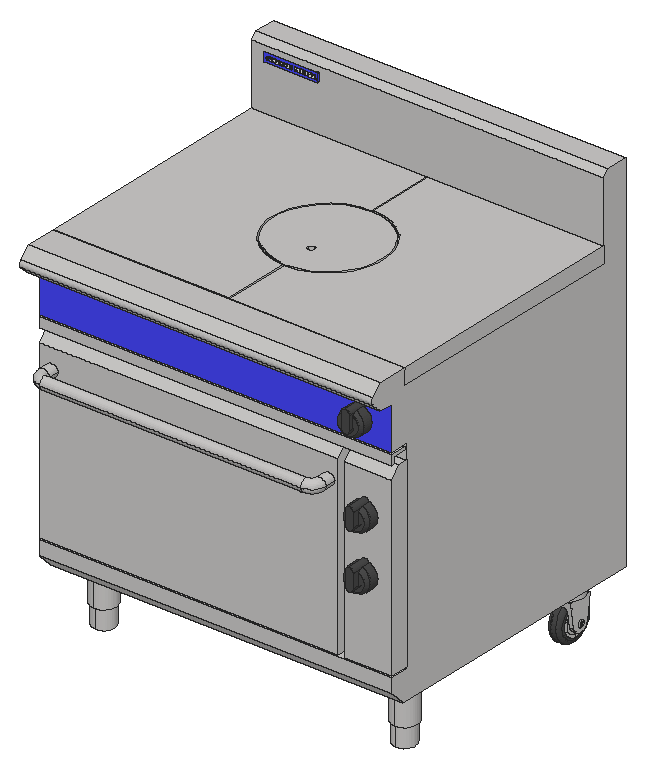
Revit family "QF_MOFFAT_BLUESEAL_CE_GE570", category Specialty Equipment, Revit 2012
Parameters
  Width = 900 mm
  Weight in Pounds = 606
  Watts = 6500 W
  Volts = 400 V
  URL Cutsheet = "www.moffat.com"
  URL = "www.moffat.com"
  Type Mark [instance] = ""
  Status [instance] = ""
  Specification by User [instance] = ""
  Specification by Manufacturer = ""
  Show Logo [instance] = yes
  Show Clearance [instance] = yes
  Show Casters [instance] = yes
  Serial Number = ""
  Seismic Rating = ""
  SMACNA No = ""
  Revision Code [instance] = ""
  Phase = 3
  Omniclass Number and Title = ""
  Number of Poles [instance] = 1
  NAFEM Spec ID Number = ""
  Model = "GE570"
  Min Ckt Ampacity = 0 A
  Mechanical Remarks = ""
  Mechanical Connection Type [instance] = ""
  Max Overcurrent Protection = 0 A
  Masterspec = ""
  Manufacturer = "MOFFAT BLUESEAL"
  Legs [instance] = not(Show Casters)  # no
  Item Number [instance] = ""
  Installed By [instance] = ""
  Identify Quantity as Lot [instance] = yes
  Height = 1085 mm
  HP = ""
  Gas Size = 3/4"
  Gas RI Height [instance] = 0 mm
  Gas KW [instance] = 12.5
  Gas Input [instance] = 42700.0 Btu/h
  Gas Connection Height = 0 mm
  Furnished By [instance] = ""
  Foodservice Equipment Identifier [instance] = yes
  FL Amps = 9.4 A
  Electrical Remarks = "9.4A PER PHASE"
  Electric Connection Type = ""
  Elec Conn RI Height = 0 mm
  Elec Conn Connection Height = 0 mm
  Description = "900MM GAS HOB TARGET TOP RANGE WITH ELECTRIC STATIC OVEN"
  Depth = 812 mm
  Cycle = 50 Hz
  Conn Plug = ""
  Conn Conduit = yes
  CSI MasterFormat = ""
  CSI Master Format = ""
  Apparent Power = 0 VA
Reference planes
  plane 1 "BACK": y = 0
  plane 2: z = 0
  plane 3 "LEFT": x = 0
  plane 4 "RIGHT": x = 900
  plane 5 "FRONT": y = -812
  plane 6 "TOP": z = 970
  plane 7 "Center Y": x = 450
  plane 8 "Center X": y = -406
  plane 9: x = 280
  plane 10: y = -574.272
  plane 11: x = 60
  plane 12: y = -304.972
  plane 13: y = -364.972
  plane 14: x = 74
  plane 15: x = 834.5
  plane 16: y = -32
  plane 17: z = 655
  plane 18: z = 1085
Forms (mm)
  Extrusion 1, solid, material "QF_Finishes_Stainless Steel"
    sketch origin (0, 0, 0) x (0, 1, 0) y (0, 0, 1)
      loop
        line (0, 1085) -> (-57, 1085) -> (-70, 1072) -> (-70, 875) -> (-705, 875) -> (-705, 915) -> (-783.97, 915) -> (-808.503, 890.467)
        arc (-808.503, 890.467) -> (-812.01, 882) -> (-808.503, 873.533) r 11.974
        line (-808.503, 873.533) -> (-784.97, 850) -> (-749, 850) -> (-749, 740) -> (-699, 740) -> (-699, 222.5) -> (-749, 222.5) -> (-749, 186) -> (-713, 150) -> (0, 150) -> (0, 1085)
      loop
        line (-749, 710) -> (-740.224, 710) -> (-742.613, 726.999) -> (-707.93, 726.999) -> (-707.93, 734.003) -> (-749, 734.003) -> (-749, 710)
    from 0 to 900
  Extrusion 2, solid, material "QF_Finishes_Stainless Steel"
    sketch origin (0, 0, 0) x (0, 1, 0) y (0, 0, 1)
      loop
        line (-70, 915) -> (-705, 915) -> (-705, 875) -> (-70, 875) -> (-70, 915)
    from 0 to 900
  Revolve 3, solid, material "QF_Finishes_Black"
    sketch origin (824.351, 45.874, 0) x (0, 1, 0) y (0, 0, 1)
      loop
        line (-827.874, 829.5) -> (-838.874, 823.651) -> (-838.874, 797) -> (-794.874, 797) -> (-794.874, 802) -> (-804.874, 802) -> (-804.874, 829.5) -> (-827.874, 829.5)
      axis (-838.874, 797) -> (-794.874, 797)
    angle from 0 to 360
  Extrusion 4, solid, material "QF_Finishes_Black"
    sketch origin (676.544, 7, 0) x (1, 0, 0) y (0, 0, 1)
      loop
        line (158.3, 789) -> (158.3, 824)
        arc (158.3, 824) -> (148.3, 834) -> (138.3, 824) r 10
        line (138.3, 824) -> (138.3, 789)
        arc (138.3, 789) -> (148.3, 779) -> (158.3, 789) r 10
    from 759 to 808
  Extrusion 5, void
    sketch origin (0, -72.734, 915) x (1, 0, 0) y (0, -1, 0)
      loop
        line (447.967, 173.281) -> (447.967, -2.734) -> (452.2, -2.734) -> (452.2, 173.283)
        arc (452.2, 173.283) -> (592.5, 315.967) -> (451.798, 458.255) r 142.5
        line (451.798, 458.255) -> (451.798, 632.266) -> (447.7, 632.266) -> (447.7, 458.248)
        arc (447.7, 458.248) -> (307.5, 315.632) -> (447.967, 173.281) r 142.5
      loop
        circle (450, 315.766) r 138
      loop
        circle (450, 370.766) r 8.75
    from 0 to 10
  Revolve 6, solid, material "QF_Finishes_Stainless Steel"
    sketch origin (834.5, -696.126, 0) x (0, 1, 0) y (0, 0, -1)
      loop
        line (39.376, -150) -> (71.126, -150) -> (71.126, 0) -> (43.626, 0) -> (43.626, -50) -> (39.376, -50) -> (39.376, -150)
      axis (71.126, -150) -> (71.126, 0)
    angle from 0 to 360
  Revolve 7, solid, material "QF_Finishes_Stainless Steel"
    sketch origin (65.5, -696.126, 0) x (0, 1, 0) y (0, 0, 1)
      loop
        line (39.376, 150) -> (39.376, 50) -> (43.626, 50) -> (43.626, 0) -> (71.126, 0) -> (71.126, 150) -> (39.376, 150)
      axis (71.126, 150) -> (71.126, 0)
    angle from 0 to 360
  Extrusion 8, solid, material "QF_Finishes_Stainless Steel"
    sketch origin (-64.5, 0, 325) x (1, 0, 0) y (0, 1, 0)
      loop
        circle (834.5, -32) r 10
    from 330 to 411.219
  Extrusion 9, solid, material "QF_Finishes_Stainless Steel", visible <- "Show Casters"
    sketch origin (71.501, 133.353, -8.783) x (0, 1, 0) y (0, 0, 1)
      loop
        line (-201.603, 118.783) -> (-265.103, 118.783) -> (-252.746, 53.895)
        arc (-252.746, 53.895) -> (-233.353, 38.783) -> (-213.959, 53.895) r 20
        line (-213.959, 53.895) -> (-201.603, 118.783)
    from -35.667 to 22.923
  Revolve 10, solid, material "QF_Finishes_Stainless Steel", visible <- "Show Casters"
    sketch origin (65, -203, 0) x (0, 1, 0) y (0, 0, 1)
      loop
        line (67.25, 150) -> (67.25, 110) -> (103, 110) -> (103, 150) -> (67.25, 150)
      axis (103, 150) -> (103, 110)
    angle from 0 to 360
  Revolve 11, solid, material "QF_Finishes_Stainless Steel", visible <- "Show Casters"
    sketch origin (834.5, -203, 0) x (0, 1, 0) y (0, 0, -1)
      loop
        line (67.25, -150) -> (103, -150) -> (103, -110) -> (67.25, -110) -> (67.25, -150)
      axis (103, -150) -> (103, -110)
    angle from 0 to 360
  Revolve 12, solid, material "QF_Finishes_Stainless Steel", visible <- "Show Casters"
    sketch origin (785.276, -99.755, -13.653) x (1, 0, 0) y (0, 0, 1)
      loop
        line (14.841, 64.453) -> (83.584, 64.453) -> (83.584, 67.958) -> (82.314, 69.228) -> (80.79, 69.228) -> (80.79, 72.674) -> (68.644, 72.674) -> (68.644, 82.639) -> (65.088, 84.692) -> (63.738, 93.028) -> (65.881, 93.028) -> (65.881, 99.378) -> (65.088, 99.378) -> (65.088, 105.728)
        arc (65.088, 105.728) -> (62.298, 112.463) -> (55.563, 115.253) r 9.525
        line (55.563, 115.253) -> (42.863, 115.253)
        arc (42.863, 115.253) -> (36.127, 112.463) -> (33.338, 105.728) r 9.525
        line (33.338, 105.728) -> (33.338, 99.378) -> (32.544, 99.378) -> (32.544, 93.028) -> (34.687, 93.028) -> (33.352, 84.781) -> (29.782, 82.719) -> (29.782, 72.674) -> (17.635, 72.674) -> (17.635, 69.228) -> (16.111, 69.228) -> (14.841, 67.958) -> (14.841, 64.453)
      axis (14.841, 64.453) -> (83.584, 64.453)
    angle from 0 to 360
  Extrusion 13, solid, material "QF_Finishes_Stainless Steel", visible <- "Show Casters"
    sketch origin (841.001, 133.353, -8.783) x (0, 1, 0) y (0, 0, 1)
      loop
        line (-201.603, 118.783) -> (-265.103, 118.783) -> (-252.746, 53.895)
        arc (-252.746, 53.895) -> (-233.353, 38.783) -> (-213.959, 53.895) r 20
        line (-213.959, 53.895) -> (-201.603, 118.783)
    from -35.667 to 22.923
  Revolve 14, solid, material "QF_Finishes_Stainless Steel", visible <- "Legs"
    sketch origin (65, -165, 0) x (0, 1, 0) y (0, 0, 1)
      loop
        line (33.25, 150) -> (33.25, 50) -> (37.5, 50) -> (37.5, 0) -> (65, 0) -> (65, 150) -> (33.25, 150)
      axis (65, 150) -> (65, 0)
    angle from 0 to 360
  Revolve 15, solid, material "QF_Finishes_Stainless Steel", visible <- "Legs"
    sketch origin (834.5, -165, 0) x (0, 1, 0) y (0, 0, -1)
      loop
        line (33.25, -150) -> (65, -150) -> (65, 0) -> (37.5, 0) -> (37.5, -50) -> (33.25, -50) -> (33.25, -150)
      axis (65, -150) -> (65, 0)
    angle from 0 to 360
  Revolve 16, solid, material "QF_Finishes_Stainless Steel", visible <- "Show Casters"
    sketch origin (114.224, -99.755, -13.653) x (-1, 0, 0) y (0, 0, -1)
      loop
        line (14.841, -64.453) -> (14.841, -67.958) -> (16.111, -69.228) -> (17.635, -69.228) -> (17.635, -72.674) -> (29.782, -72.674) -> (29.782, -82.719) -> (33.352, -84.781) -> (34.687, -93.028) -> (32.544, -93.028) -> (32.544, -99.378) -> (33.338, -99.378) -> (33.338, -105.728)
        arc (33.338, -105.728) -> (36.127, -112.463) -> (42.863, -115.253) r 9.525
        line (42.863, -115.253) -> (55.563, -115.253)
        arc (55.563, -115.253) -> (62.298, -112.463) -> (65.088, -105.728) r 9.525
        line (65.088, -105.728) -> (65.088, -99.378) -> (65.881, -99.378) -> (65.881, -93.028) -> (63.738, -93.028) -> (65.088, -84.692) -> (68.644, -82.639) -> (68.644, -72.674) -> (80.79, -72.674) -> (80.79, -69.228) -> (82.314, -69.228) -> (83.584, -67.958) -> (83.584, -64.453) -> (14.841, -64.453)
      axis (14.841, -64.453) -> (83.584, -64.453)
    angle from 0 to 360
  Extrusion 17, void
    sketch origin (0, 0, 0) x (1, 0, 0) y (0, 1, 0)
      loop
        line (832.738, -87.26) -> (832.738, 30.24) -> (703.238, 30.24) -> (703.238, -38.76) -> (751.738, -87.26) -> (832.738, -87.26)
    from 200 to 736.219
  Extrusion 18, solid, material "QF_Finishes_Stainless Steel"
    sketch origin (723.5, 0, 0) x (0, 1, 0) y (0, 0, 1)
      loop
        line (-699, 700) -> (-725, 700) -> (-749, 676) -> (-749, 227.5) -> (-699, 227.5) -> (-699, 700)
    from 56.898 to 176.5
  Sweep 19, solid, material "QF_Finishes_Stainless Steel"
    path origin (0, -690.875, 633.125) x (0, -1, 0) y (1, 0, 0)
      loop
        line (50, 31.371) -> (86, 31.371)
        arc (86, 31.371) -> (100.142, 37.229) -> (106, 51.371) r 20
        line (106, 51.371) -> (106, 719.041)
        arc (106, 719.041) -> (100.142, 733.183) -> (86, 739.041) r 20
        line (86, 739.041) -> (50, 739.041)
    profile origin (385.206, -796.875, 633.125) x (0, 1, 0) y (0, 0, 1)
      loop
        circle (0, -10) r 15
  Revolve 20, solid, material "QF_Finishes_Black"
    sketch origin (839.351, 38.874, -213.6) x (0, 1, 0) y (0, 0, 1)
      loop
        line (-820.874, 829.5) -> (-831.874, 823.651) -> (-831.874, 797) -> (-787.874, 797) -> (-787.874, 802) -> (-797.874, 802) -> (-797.874, 829.5) -> (-820.874, 829.5)
      axis (-831.874, 797) -> (-787.874, 797)
    angle from 0 to 360
  Extrusion 21, solid, material "QF_Finishes_Black"
    sketch origin (691.544, 0, -213.6) x (1, 0, 0) y (0, 0, 1)
      loop
        line (158.3, 789) -> (158.3, 824)
        arc (158.3, 824) -> (148.3, 834) -> (138.3, 824) r 10
        line (138.3, 824) -> (138.3, 789)
        arc (138.3, 789) -> (148.3, 779) -> (158.3, 789) r 10
    from 759 to 808
  Extrusion 22, solid, material "QF_Door-Drawer Clearances", visible <- "Show Clearance", detail levels coarse
    sketch origin (0, 0, 0) x (0, -1, 0) y (0, 0, 1)
      loop
        line (749, 697.347) -> (749, 227.5) -> (1218.847, 227.5)
        arc (1218.847, 227.5) -> (1081.232, 559.732) -> (749, 697.347) r 469.847
    from 0 to -762.865
  Extrusion 23, solid, material "QF_Finishes_Stainless Steel"
    sketch origin (0, 0, 0) x (0, 1, 0) y (0, 0, 1)
      loop
        line (-699, 700) -> (-725, 700) -> (-749, 676) -> (-749, 227.5) -> (-699, 227.5) -> (-699, 700)
    from 0 to 762.865
  Extrusion 24, solid, material "QF_Finishes_Stainless Steel"
    sketch origin (0, -703.73, 150) x (1, 0, 0) y (0, -1, 0)
      loop
        circle (826, -202.73) r 6.35
    from 0 to 1.6
  Revolve 25, solid, material "QF_Finishes_Black"
    sketch origin (839.351, 38.874, -353.465) x (0, 1, 0) y (0, 0, 1)
      loop
        line (-820.874, 829.5) -> (-831.874, 823.651) -> (-831.874, 797) -> (-787.874, 797) -> (-787.874, 802) -> (-797.874, 802) -> (-797.874, 829.5) -> (-820.874, 829.5)
      axis (-831.874, 797) -> (-787.874, 797)
    angle from 0 to 360
  Extrusion 26, solid, material "QF_Finishes_Black"
    sketch origin (691.544, 0, -353.465) x (1, 0, 0) y (0, 0, 1)
      loop
        line (158.3, 789) -> (158.3, 824)
        arc (158.3, 824) -> (148.3, 834) -> (138.3, 824) r 10
        line (138.3, 824) -> (138.3, 789)
        arc (138.3, 789) -> (148.3, 779) -> (158.3, 789) r 10
    from 759 to 808
Cuts and joins
  Extrusion 5, Extrusion 17 cuts Extrusion 1
  Extrusion 5 cuts Extrusion 2
  joined: Extrusion 18, Sweep 19, Extrusion 23
Lines and regions (mm)
  Split face 1
    outline origin (900, 0, 1085) x (-1, 0, 0) y (0, -1, 0)
      loop
        arc (856, 18.185) -> (864.66, 23.185) -> (864.66, 33.185) r 10
        line (864.66, 33.185) -> (860.619, 40.185)
        arc (860.619, 40.185) -> (856.959, 43.846) -> (851.959, 45.185) r 10
        line (851.959, 45.185) -> (624, 45.185)
        arc (624, 45.185) -> (615.34, 40.185) -> (615.34, 30.185) r 10
        line (615.34, 30.185) -> (619.381, 23.185)
        arc (619.381, 23.185) -> (623.041, 19.525) -> (628.041, 18.185) r 10
        line (628.041, 18.185) -> (856, 18.185)
  Split face 2
    outline origin (900, 0, 1085) x (-1, 0, 0) y (0, -1, 0)
      loop
        arc (566, 18.185) -> (574.66, 23.185) -> (574.66, 33.185) r 10
        line (574.66, 33.185) -> (570.619, 40.185)
        arc (570.619, 40.185) -> (566.959, 43.846) -> (561.959, 45.185) r 10
        line (561.959, 45.185) -> (334, 45.185)
        arc (334, 45.185) -> (325.34, 40.185) -> (325.34, 30.185) r 10
        line (325.34, 30.185) -> (329.381, 23.185)
        arc (329.381, 23.185) -> (333.041, 19.525) -> (338.041, 18.185) r 10
        line (338.041, 18.185) -> (566, 18.185)
  Split face 3
    outline origin (900, 0, 1085) x (-1, 0, 0) y (0, -1, 0)
      loop
        arc (276, 18.185) -> (284.66, 23.185) -> (284.66, 33.185) r 10
        line (284.66, 33.185) -> (280.619, 40.185)
        arc (280.619, 40.185) -> (276.959, 43.846) -> (271.959, 45.185) r 10
        line (271.959, 45.185) -> (44, 45.185)
        arc (44, 45.185) -> (35.34, 40.185) -> (35.34, 30.185) r 10
        line (35.34, 30.185) -> (39.381, 23.185)
        arc (39.381, 23.185) -> (43.041, 19.525) -> (48.041, 18.185) r 10
        line (48.041, 18.185) -> (276, 18.185)
  Split face 4
    outline origin (738.5, -749, 576.576) x (0, 0, -1) y (1, 0, 0)
      loop
        circle (241.026, 102.515) r 10.75
  Split face 5
    outline origin (738.5, -749, 759.426) x (0, 0, -1) y (1, 0, 0)
      loop
        circle (241.026, 102.765) r 7.15
  Split face 6
    outline origin (738.5, -749, 889.426) x (0, 0, -1) y (1, 0, 0)
      loop
        circle (241.026, 102.765) r 7.15
  symbolic lines
    curve 1: line (0, 0, 0) -> (0, -812, 0)
    curve 2: line (900, 0, 0) -> (0, 0, 0)
    curve 3: line (900, -812, 0) -> (900, 0, 0)
    curve 4: line (0, -70, 0) -> (900, -70, 0)
    curve 5: line (900, -812, 0) -> (0, -812, 0)
    curve 6: line (447.967, -72.734, 0) -> (447.967, -246.014, 0)
    curve 7: line (452.2, -246.017, 0) -> (452.2, -72.734, 0)
    curve 8: line (451.798, -705, 0) -> (451.798, -530.989, 0)
    curve 9: line (447.7, -530.981, 0) -> (447.7, -705, 0)
    curve 10: line (900, -72.734, 0) -> (0, -72.734, 0)
    curve 11: line (0, -705, 0) -> (900, -705, 0)
    curve 12: arc (452.2, -246.017, 0) -> (592.5, -388.701, 0) -> (451.798, -530.989, 0) r 142.5
    curve 13: arc (447.7, -530.981, 0) -> (307.5, -388.366, 0) -> (447.967, -246.014, 0) r 142.5
    curve 14: circle (450, -388.5, 0) r 138 normal (0, 0, 1)
    curve 15: arc (458.75, -443.5, 0) -> (450, -452.25, 0) -> (441.25, -443.5, 0) r 8.75
    curve 16: arc (441.25, -443.5, 0) -> (450, -434.75, 0) -> (458.75, -443.5, 0) r 8.75
    curve 17: line (900, -57, 0) -> (0, -57, 0)
    curve 18: line (276, -45.185, 0) -> (48.041, -45.185, 0)
    curve 19: arc (48.041, -45.185, 0) -> (43.041, -43.846, 0) -> (39.381, -40.185, 0) r 10
    curve 20: line (39.381, -40.185, 0) -> (35.34, -33.185, 0)
    curve 21: arc (35.34, -33.185, 0) -> (35.34, -23.185, 0) -> (44, -18.185, 0) r 10
    curve 22: line (44, -18.185, 0) -> (271.959, -18.185, 0)
    curve 23: arc (271.959, -18.185, 0) -> (276.959, -19.525, 0) -> (280.619, -23.185, 0) r 10
    curve 24: line (280.619, -23.185, 0) -> (284.66, -30.185, 0)
    curve 25: arc (284.66, -30.185, 0) -> (284.66, -40.185, 0) -> (276, -45.185, 0) r 10
    curve 26: line (566, -45.185, 0) -> (338.041, -45.185, 0)
    curve 27: arc (338.041, -45.185, 0) -> (333.041, -43.846, 0) -> (329.381, -40.185, 0) r 10
    curve 28: line (329.381, -40.185, 0) -> (325.34, -33.185, 0)
    curve 29: arc (325.34, -33.185, 0) -> (325.34, -23.185, 0) -> (334, -18.185, 0) r 10
    curve 30: line (334, -18.185, 0) -> (561.959, -18.185, 0)
    curve 31: arc (561.959, -18.185, 0) -> (566.959, -19.525, 0) -> (570.619, -23.185, 0) r 10
    curve 32: line (570.619, -23.185, 0) -> (574.66, -30.185, 0)
    curve 33: arc (574.66, -30.185, 0) -> (574.66, -40.185, 0) -> (566, -45.185, 0) r 10
    curve 34: line (856, -45.185, 0) -> (628.041, -45.185, 0)
    curve 35: arc (628.041, -45.185, 0) -> (623.041, -43.846, 0) -> (619.381, -40.185, 0) r 10
    curve 36: line (619.381, -40.185, 0) -> (615.34, -33.185, 0)
    curve 37: arc (615.34, -33.185, 0) -> (615.34, -23.185, 0) -> (624, -18.185, 0) r 10
    curve 38: line (624, -18.185, 0) -> (851.959, -18.185, 0)
    curve 39: arc (851.959, -18.185, 0) -> (856.959, -19.525, 0) -> (860.619, -23.185, 0) r 10
    curve 40: line (860.619, -23.185, 0) -> (864.66, -30.185, 0)
    curve 41: arc (864.66, -30.185, 0) -> (864.66, -40.185, 0) -> (856, -45.185, 0) r 10
    curve 42: line (0, -783.97, 0) -> (900, -783.97, 0)
  symbolic lines, style "QF_Door-Drawer Clearances"
    curve 43: line (0, -1218.847, 0) -> (0, -812, 0)
    curve 44: line (762.865, -812, 0) -> (762.865, -1218.847, 0)
    curve 45: line (762.865, -1218.847, 0) -> (0, -1218.847, 0)
Dimensions and locks
  equal spacing: plane 3 "LEFT", plane 7 "Center Y", plane 4 "RIGHT"
  "Width": plane 3 "LEFT" to plane 4 "RIGHT"
  equal spacing: plane 5 "FRONT", plane 8 "Center X", plane 1 "BACK"
  "Depth": plane 5 "FRONT" to plane 1 "BACK"
  equal spacing: plane 4 "RIGHT", plane 7 "Center Y", plane 3 "LEFT"
  plane 4 "RIGHT" to plane 3 "LEFT" = 900 mm
  plane 5 "FRONT" to plane 1 "BACK" = 812 mm
  plane 10 to plane 1 "BACK" = 574.272 mm
  plane 12 to plane 1 "BACK" = 304.972 mm  (x2)
  plane 11 to plane 3 "LEFT" = 60 mm
  plane 14 to plane 3 "LEFT" = 74 mm
  plane 9 to plane 3 "LEFT" = 280 mm
  plane 6 "TOP" to plane 2 = 970 mm
  plane 17 to level = 655 mm
  Revolve 12 sketch curve to Revolve 12 sketch curve = 50.8 mm
  Revolve 16 sketch curve to Revolve 16 sketch curve = 50.8 mm
  plane 18 to level = 1085 mm  (x2)
  Extrusion 24 sketch curve to plane 4 "RIGHT" = 74 mm
  Extrusion 24 sketch curve to plane 1 "BACK" = 501 mm
  aligned and locked: level to plane 2
  aligned and locked: curve 3 to plane 4 "RIGHT"
  aligned and locked: Extrusion 1 to Extrusion 2  (x2)
Automatic sketch dimensions
  curve 12 to curve 13 = 0 mm  (x2)
  curve 12 to curve 14 = 0 mm  (x2)
  curve 13 to curve 14 = 0 mm  (x2)
  curve 15 to curve 16 = 0 mm  (x2)
  plane 1 "BACK" to curve 1 = 0 mm
  curve 1 to plane 3 "LEFT" = 0 mm
  curve 15 to plane 7 "Center Y" = 0 mm
  curve 12 to plane 7 "Center Y" = 0 mm
  plane 5 "FRONT" to curve 44 = 0 mm
  curve 20 to plane 16 = 1.185 mm
  curve 20 to plane 11 = 24.66 mm
  curve 21 to curve 19 = 4.041 mm
  curve 21 to plane 11 = 16 mm
  curve 19 to curve 19 = 8.66 mm
  curve 23 to plane 9 = 8.041 mm
  curve 25 to plane 9 = 4 mm
  plane 9 to curve 23 = 0.619 mm
  plane 16 to curve 25 = 1.815 mm
  plane 9 to curve 25 = 4.66 mm
  curve 29 to plane 16 = 1.185 mm
  curve 24 to curve 29 = 40.679 mm
  curve 29 to curve 27 = 4.041 mm
  plane 16 to curve 29 = 3.815 mm
  curve 28 to curve 29 = 8.66 mm
  curve 27 to curve 27 = 8.66 mm
  curve 15 to plane 7 "Center Y" = 8.75 mm
  curve 9 to plane 7 "Center Y" = 2.3 mm
  curve 6 to plane 7 "Center Y" = 2.033 mm
  plane 7 "Center Y" to curve 12 = 1.798 mm
  plane 7 "Center Y" to curve 7 = 2.2 mm
  plane 7 "Center Y" to curve 31 = 111.959 mm
  curve 31 to curve 33 = 4.041 mm
  curve 30 to curve 31 = 8.66 mm
  plane 16 to curve 33 = 1.815 mm
  curve 32 to curve 33 = 4.041 mm
  curve 37 to plane 16 = 1.185 mm
  curve 32 to curve 37 = 40.679 mm
  curve 37 to curve 35 = 4.041 mm  (x2)
  curve 36 to curve 38 = 8.66 mm
  curve 35 to plane 16 = 3.185 mm
  curve 44 to plane 15 = 71.635 mm
  plane 15 to curve 39 = 17.459 mm
  curve 39 to curve 41 = 4.041 mm  (x2)
  plane 16 to curve 40 = 8.815 mm
  curve 39 to curve 40 = 8.66 mm
  plane 16 to curve 41 = 1.815 mm
  plane 5 "FRONT" to curve 44 = 406.847 mm
  curve 42 to plane 5 "FRONT" = 28.03 mm
  curve 42 to curve 11 = 78.97 mm
  plane 10 to curve 8 = 43.284 mm
  curve 12 to curve 13 = 0.007 mm
  curve 16 to plane 8 "Center X" = 37.5 mm
  plane 8 "Center X" to curve 12 = 17.5 mm
  curve 10 to plane 16 = 40.734 mm
  curve 10 to curve 4 = 2.734 mm
  curve 4 to curve 17 = 13 mm
  curve 26 to plane 16 = 13.185 mm
  curve 19 to plane 16 = 13.185 mm
  curve 34 to plane 16 = 13.185 mm
  curve 28 to curve 29 = 7 mm
  curve 19 to curve 21 = 7 mm
  plane 16 to curve 31 = 3.815 mm
  plane 16 to curve 37 = 3.815 mm
  plane 16 to curve 21 = 3.815 mm
  plane 16 to curve 23 = 3.815 mm
  plane 18 to Extrusion 1 sketch curve = 0 mm
  Extrusion 1 sketch curve to plane 1 "BACK" = 0 mm
  Extrusion 1 sketch curve to plane 16 = 25 mm
  plane 18 to Extrusion 1 sketch curve = 13 mm
  Extrusion 1 sketch curve to Extrusion 1 sketch curve = 13 mm
  Extrusion 1 sketch curve to plane 5 "FRONT" = 113 mm
  Extrusion 1 sketch curve to plane 5 "FRONT" = 107 mm
  Extrusion 1 sketch curve to Extrusion 1 sketch curve = 8.93 mm
  Extrusion 1 sketch curve to Extrusion 1 sketch curve = 14 mm
  Extrusion 1 sketch curve to Extrusion 1 sketch curve = 32.294 mm
  Extrusion 1 sketch curve to Extrusion 1 sketch curve = 2.389 mm
  Extrusion 1 sketch curve to Extrusion 1 sketch curve = 8.776 mm
  Extrusion 1 sketch curve to Extrusion 1 sketch curve = 44 mm
  Extrusion 1 sketch curve to Extrusion 1 sketch curve = 50 mm
  Extrusion 1 sketch curve to plane 5 "FRONT" = 28.03 mm
  Extrusion 1 sketch curve to plane 5 "FRONT" = 27.03 mm
  Extrusion 1 sketch curve to plane 5 "FRONT" = 11.964 mm
  Extrusion 1 sketch curve to plane 5 "FRONT" = 3.497 mm  (x2)
  Extrusion 1 sketch curve to plane 6 "TOP" = 55 mm
  Extrusion 1 sketch curve to Extrusion 1 sketch curve = 24.533 mm
  Extrusion 1 sketch curve to Extrusion 1 sketch curve = 8.467 mm
  Extrusion 1 sketch curve to Extrusion 1 sketch curve = 40 mm
  Extrusion 1 sketch curve to Extrusion 1 sketch curve = 23.533 mm
  plane 17 to Extrusion 1 sketch curve = 85 mm
  Extrusion 1 sketch curve to Extrusion 1 sketch curve = 5.997 mm
  Extrusion 1 sketch curve to Extrusion 1 sketch curve = 7.004 mm
  Extrusion 1 sketch curve to Extrusion 1 sketch curve = 16.999 mm
  Extrusion 1 sketch curve to Extrusion 1 sketch curve = 36.5 mm
  level to Extrusion 1 sketch curve = 150 mm
  Extrusion 2 sketch curve to plane 5 "FRONT" = 107 mm
  Extrusion 2 sketch curve to plane 16 = 38 mm
  Extrusion 2 sketch curve to plane 6 "TOP" = 95 mm
  Extrusion 2 sketch curve to Extrusion 2 sketch curve = 40 mm
  Revolve 3 sketch curve to plane 5 "FRONT" = 19 mm
  Revolve 3 sketch curve to Revolve 3 sketch curve = 0 mm  (x2)
  Revolve 3 sketch curve to Revolve 3 sketch curve = 11 mm
  Revolve 3 sketch curve to Revolve 3 sketch curve = 12.7 mm
  Revolve 3 sketch curve to Revolve 3 sketch curve = 23 mm
  Revolve 3 sketch curve to Revolve 3 sketch curve = 10 mm
  plane 17 to Revolve 3 sketch curve = 142 mm
  Revolve 3 sketch curve to Revolve 3 sketch curve = 5 mm
  Revolve 3 sketch curve to Revolve 3 sketch curve = 26.651 mm
  Revolve 3 sketch curve to Revolve 3 sketch curve = 5.849 mm
  Extrusion 4 sketch curve to plane 15 = 19.656 mm
  Extrusion 4 sketch curve to plane 15 = 9.656 mm
  plane 17 to Extrusion 4 sketch curve = 134 mm
  Extrusion 4 sketch curve to Extrusion 4 sketch curve = 35 mm
  Extrusion 5 sketch curve to Extrusion 5 sketch curve = 0 mm  (x13)
  Extrusion 5 sketch curve to Extrusion 2 = 0 mm
  Extrusion 2 to Extrusion 5 sketch curve = 0 mm
  Extrusion 2 to Extrusion 5 sketch curve = 447.7 mm
  Extrusion 2 to Extrusion 5 sketch curve = 447.967 mm
  Extrusion 5 sketch curve to Extrusion 5 sketch curve = 2.3 mm
  Extrusion 5 sketch curve to Extrusion 5 sketch curve = 4.098 mm
  Extrusion 5 sketch curve to Extrusion 5 sketch curve = 4.232 mm
  Extrusion 2 to Extrusion 5 sketch curve = 174.011 mm
  Extrusion 5 sketch curve to Extrusion 5 sketch curve = 0.007 mm
  Extrusion 5 sketch curve to Extrusion 5 sketch curve = 4.489 mm
  Extrusion 5 sketch curve to Extrusion 5 sketch curve = 83 mm
  Extrusion 5 sketch curve to Extrusion 5 sketch curve = 55 mm
  Revolve 6 sketch curve to level = 0 mm
  Revolve 6 sketch curve to plane 10 = 82.478 mm
  Revolve 6 sketch curve to Revolve 6 sketch curve = 4.25 mm
  Revolve 6 sketch curve to Revolve 6 sketch curve = 27.5 mm  (x2)
  level to Revolve 6 sketch curve = 50 mm
  Revolve 6 sketch curve to Revolve 6 sketch curve = 0 mm
  Revolve 6 sketch curve to Revolve 6 sketch curve = 100 mm
  Revolve 6 sketch curve to Revolve 6 sketch curve = 55 mm
  Revolve 7 sketch curve to level = 0 mm
  Revolve 7 sketch curve to plane 10 = 82.478 mm
  Revolve 7 sketch curve to Revolve 7 sketch curve = 4.25 mm
  Revolve 7 sketch curve to Revolve 7 sketch curve = 27.5 mm  (x2)
  Revolve 7 sketch curve to level = 55 mm
  Revolve 7 sketch curve to Revolve 7 sketch curve = 50 mm
  Revolve 7 sketch curve to Revolve 7 sketch curve = 0 mm
  Revolve 7 sketch curve to Revolve 7 sketch curve = 100 mm
  Extrusion 8 sketch curve to plane 16 = 0 mm
  Extrusion 8 sketch curve to plane 15 = 64.5 mm
  cut or joined group of Extrusion 1, Extrusion 5, Extrusion 17 to Split face 1 sketch curve = 26.815 mm
  Split face 1 sketch curve to cut or joined group of Extrusion 1, Extrusion 5, Extrusion 17 = 284.66 mm
  Split face 1 sketch curve to Split face 1 sketch curve = 4.041 mm  (x4)
  Split face 1 sketch curve to Split face 1 sketch curve = 8.66 mm  (x2)
  cut or joined group of Extrusion 1, Extrusion 5, Extrusion 17 to Split face 1 sketch curve = 11.815 mm
  Split face 1 sketch curve to cut or joined group of Extrusion 1, Extrusion 5, Extrusion 17 = 48.041 mm
  Split face 1 sketch curve to Split face 1 sketch curve = 7 mm  (x3)
  Split face 1 sketch curve to Split face 1 sketch curve = 17 mm
  cut or joined group of Extrusion 1, Extrusion 5, Extrusion 17 to Split face 2 sketch curve = 26.815 mm
  Split face 2 sketch curve to cut or joined group of Extrusion 1, Extrusion 5, Extrusion 17 = 325.34 mm
  Split face 2 sketch curve to Split face 2 sketch curve = 4.041 mm  (x4)
  Split face 2 sketch curve to Split face 2 sketch curve = 8.66 mm  (x2)
  cut or joined group of Extrusion 1, Extrusion 5, Extrusion 17 to Split face 2 sketch curve = 11.815 mm
  Split face 2 sketch curve to Split face 2 sketch curve = 223.917 mm
  Split face 2 sketch curve to Split face 2 sketch curve = 7 mm  (x3)
  Split face 2 sketch curve to Split face 2 sketch curve = 17 mm
  Split face 3 sketch curve to cut or joined group of Extrusion 1, Extrusion 5, Extrusion 17 = 35.34 mm
  Split face 3 sketch curve to Split face 3 sketch curve = 4.041 mm  (x4)
  Split face 3 sketch curve to Split face 3 sketch curve = 8.66 mm  (x2)
  cut or joined group of Extrusion 1, Extrusion 5, Extrusion 17 to Split face 3 sketch curve = 11.815 mm
  Split face 3 sketch curve to Split face 3 sketch curve = 223.917 mm
  Split face 3 sketch curve to Split face 3 sketch curve = 5 mm
  Split face 3 sketch curve to Split face 3 sketch curve = 10 mm
  Split face 3 sketch curve to Split face 3 sketch curve = 7 mm  (x3)
  Extrusion 9 sketch curve to plane 16 = 99.75 mm
  Extrusion 9 sketch curve to Extrusion 9 sketch curve = 12.357 mm
  Extrusion 9 sketch curve to Extrusion 9 sketch curve = 19.393 mm  (x2)
  level to Extrusion 9 sketch curve = 45.111 mm
  Extrusion 9 sketch curve to plane 16 = 36.25 mm
  Extrusion 9 sketch curve to Extrusion 9 sketch curve = 4.889 mm
  Extrusion 9 sketch curve to Extrusion 9 sketch curve = 64.889 mm
  Revolve 10 sketch curve to plane 16 = 103.75 mm
  Revolve 10 sketch curve to plane 16 = 68 mm
  Revolve 10 sketch curve to Revolve 10 sketch curve = 35.75 mm
  Revolve 10 sketch curve to level = 55 mm
  level to Revolve 10 sketch curve = 50 mm
  Revolve 10 sketch curve to Revolve 10 sketch curve = 60 mm
  Revolve 10 sketch curve to Revolve 10 sketch curve = 40 mm
  Revolve 11 sketch curve to plane 16 = 103.75 mm
  Revolve 11 sketch curve to plane 16 = 68 mm
  Revolve 11 sketch curve to Revolve 11 sketch curve = 35.75 mm
  level to Revolve 11 sketch curve = 150 mm
  Revolve 11 sketch curve to Revolve 11 sketch curve = 40 mm
  level to Revolve 11 sketch curve = 50 mm
  Revolve 11 sketch curve to level = 55 mm
  Revolve 12 sketch curve to plane 15 = 34.382 mm
  Revolve 12 sketch curve to Revolve 12 sketch curve = 1.27 mm  (x4)
  Revolve 12 sketch curve to Revolve 12 sketch curve = 1.524 mm  (x2)
  Revolve 12 sketch curve to Revolve 12 sketch curve = 12.146 mm  (x2)
  Revolve 12 sketch curve to plane 15 = 16.68 mm
  Revolve 12 sketch curve to Revolve 12 sketch curve = 0.794 mm  (x2)
  Revolve 12 sketch curve to Revolve 12 sketch curve = 3.57 mm
  Revolve 12 sketch curve to Revolve 12 sketch curve = 2.143 mm
  Revolve 12 sketch curve to plane 15 = 6.361 mm
  plane 15 to Revolve 12 sketch curve = 5.13 mm
  plane 15 to Revolve 12 sketch curve = 6.339 mm
  plane 15 to Revolve 12 sketch curve = 14.515 mm
  Revolve 12 sketch curve to Revolve 12 sketch curve = 1.349 mm  (x2)
  Revolve 12 sketch curve to Revolve 12 sketch curve = 3.556 mm
  Revolve 12 sketch curve to plane 4 "RIGHT" = 2.18 mm
  level to Revolve 12 sketch curve = 50.8 mm
  Revolve 12 sketch curve to Revolve 12 sketch curve = 0 mm
  Revolve 12 sketch curve to Revolve 12 sketch curve = 3.505 mm  (x2)
  Revolve 12 sketch curve to Revolve 12 sketch curve = 3.447 mm  (x2)
  Revolve 12 sketch curve to Revolve 12 sketch curve = 9.964 mm
  Revolve 12 sketch curve to Revolve 12 sketch curve = 10.045 mm
  Revolve 12 sketch curve to Revolve 12 sketch curve = 2.053 mm
  Revolve 12 sketch curve to Revolve 12 sketch curve = 2.061 mm
  Revolve 12 sketch curve to Revolve 12 sketch curve = 8.247 mm
  Revolve 12 sketch curve to Revolve 12 sketch curve = 8.336 mm
  Revolve 12 sketch curve to Revolve 12 sketch curve = 6.35 mm  (x2)
  Extrusion 13 sketch curve to plane 16 = 99.75 mm
  Extrusion 13 sketch curve to Extrusion 13 sketch curve = 12.357 mm
  Extrusion 13 sketch curve to Extrusion 13 sketch curve = 19.393 mm  (x2)
  level to Extrusion 13 sketch curve = 45.111 mm
  Extrusion 13 sketch curve to plane 16 = 36.25 mm
  Extrusion 13 sketch curve to Extrusion 13 sketch curve = 4.889 mm
  Extrusion 13 sketch curve to Extrusion 13 sketch curve = 64.889 mm
  Revolve 14 sketch curve to level = 0 mm
  Revolve 14 sketch curve to plane 16 = 99.75 mm
  Revolve 14 sketch curve to Revolve 14 sketch curve = 4.25 mm
  Revolve 14 sketch curve to Revolve 14 sketch curve = 27.5 mm  (x2)
  Revolve 14 sketch curve to level = 55 mm
  Revolve 14 sketch curve to Revolve 14 sketch curve = 50 mm
  Revolve 14 sketch curve to Revolve 14 sketch curve = 0 mm
  Revolve 14 sketch curve to Revolve 14 sketch curve = 100 mm
  Revolve 15 sketch curve to level = 0 mm
  Revolve 15 sketch curve to plane 16 = 99.75 mm
  Revolve 15 sketch curve to Revolve 15 sketch curve = 4.25 mm
  Revolve 15 sketch curve to Revolve 15 sketch curve = 27.5 mm  (x2)
  level to Revolve 15 sketch curve = 50 mm
  Revolve 15 sketch curve to Revolve 15 sketch curve = 0 mm
  Revolve 15 sketch curve to Revolve 15 sketch curve = 100 mm
  Revolve 15 sketch curve to Revolve 15 sketch curve = 55 mm
  plane 14 to Revolve 16 sketch curve = 25.382 mm
  Revolve 16 sketch curve to Revolve 16 sketch curve = 1.27 mm  (x4)
  Revolve 16 sketch curve to Revolve 16 sketch curve = 1.524 mm  (x2)
  plane 14 to Revolve 16 sketch curve = 10.442 mm
  plane 14 to Revolve 16 sketch curve = 7.68 mm
  Revolve 16 sketch curve to Revolve 16 sketch curve = 0.794 mm  (x2)
  Revolve 16 sketch curve to Revolve 16 sketch curve = 3.57 mm
  Revolve 16 sketch curve to Revolve 16 sketch curve = 2.143 mm
  Revolve 16 sketch curve to plane 14 = 2.639 mm
  Revolve 16 sketch curve to plane 11 = 0.13 mm
  Revolve 16 sketch curve to plane 11 = 1.339 mm
  Revolve 16 sketch curve to plane 11 = 9.515 mm
  Revolve 16 sketch curve to Revolve 16 sketch curve = 1.349 mm  (x2)
  Revolve 16 sketch curve to Revolve 16 sketch curve = 3.556 mm
  Revolve 16 sketch curve to Revolve 16 sketch curve = 12.146 mm
  Revolve 16 sketch curve to plane 3 "LEFT" = 2.68 mm
  level to Revolve 16 sketch curve = 101.6 mm
  Revolve 16 sketch curve to Revolve 16 sketch curve = 6.35 mm  (x4)
  Revolve 16 sketch curve to Revolve 16 sketch curve = 8.247 mm
  Revolve 16 sketch curve to Revolve 16 sketch curve = 8.336 mm
  Revolve 16 sketch curve to Revolve 16 sketch curve = 2.061 mm
  Revolve 16 sketch curve to Revolve 16 sketch curve = 2.053 mm
  Revolve 16 sketch curve to Revolve 16 sketch curve = 10.045 mm
  Revolve 16 sketch curve to Revolve 16 sketch curve = 9.964 mm
  Revolve 16 sketch curve to Revolve 16 sketch curve = 3.447 mm  (x2)
  Revolve 16 sketch curve to Revolve 16 sketch curve = 3.505 mm
  Extrusion 17 sketch curve to plane 1 "BACK" = 30.24 mm
  Extrusion 17 sketch curve to plane 15 = 131.262 mm
  Extrusion 17 sketch curve to Extrusion 17 sketch curve = 48.5 mm
  Extrusion 17 sketch curve to plane 15 = 1.762 mm
  Extrusion 17 sketch curve to plane 16 = 6.76 mm
  Extrusion 17 sketch curve to plane 16 = 55.26 mm
  Extrusion 18 sketch curve to plane 5 "FRONT" = 63 mm
  Extrusion 18 sketch curve to Extrusion 18 sketch curve = 24 mm
  Extrusion 18 sketch curve to Extrusion 18 sketch curve = 50 mm
  plane 17 to Extrusion 18 sketch curve = 21 mm
  plane 17 to Extrusion 18 sketch curve = 45 mm
  Sweep 19 sketch curve to plane 5 "FRONT" = 71.125 mm  (x2)
  Sweep 19 sketch curve to plane 11 = 28.629 mm
  Sweep 19 sketch curve to plane 5 "FRONT" = 35.125 mm  (x2)
  Sweep 19 sketch curve to plane 5 "FRONT" = 15.125 mm
  Sweep 19 sketch curve to plane 15 = 115.459 mm
  Sweep 19 sketch curve to profile plane = 0 mm
  Sweep 19 sketch curve to profile plane = 10 mm
  Revolve 20 sketch curve to plane 5 "FRONT" = 19 mm
  Revolve 20 sketch curve to Revolve 20 sketch curve = 0 mm  (x2)
  Revolve 20 sketch curve to Revolve 20 sketch curve = 11 mm
  Revolve 20 sketch curve to Revolve 20 sketch curve = 12.7 mm
  Revolve 20 sketch curve to Revolve 20 sketch curve = 23 mm
  Revolve 20 sketch curve to Revolve 20 sketch curve = 10 mm
  Revolve 20 sketch curve to plane 17 = 71.6 mm
  Revolve 20 sketch curve to Revolve 20 sketch curve = 5 mm
  Revolve 20 sketch curve to Revolve 20 sketch curve = 26.651 mm
  Revolve 20 sketch curve to Revolve 20 sketch curve = 5.849 mm
  Extrusion 21 sketch curve to plane 15 = 4.656 mm
  plane 15 to Extrusion 21 sketch curve = 5.344 mm
  Extrusion 21 sketch curve to plane 17 = 79.6 mm
  Extrusion 21 sketch curve to Extrusion 21 sketch curve = 35 mm
  Extrusion 22 sketch curve to plane 5 "FRONT" = 63 mm
  plane 5 "FRONT" to Extrusion 22 sketch curve = 406.847 mm
  Extrusion 23 sketch curve to plane 5 "FRONT" = 63 mm
  Extrusion 23 sketch curve to Extrusion 23 sketch curve = 24 mm
  Extrusion 23 sketch curve to Extrusion 23 sketch curve = 50 mm
  plane 17 to Extrusion 23 sketch curve = 21 mm
  plane 17 to Extrusion 23 sketch curve = 45 mm
  Split face 4 sketch curve to Extrusion 18 = 108.05 mm
  Split face 4 sketch curve to Extrusion 18 = 58.985 mm
  Split face 5 sketch curve to Extrusion 18 = 58.735 mm
  Split face 5 sketch curve to Extrusion 18 = 157.6 mm
  Split face 6 sketch curve to Extrusion 18 = 27.6 mm
  Split face 6 sketch curve to Extrusion 18 = 58.735 mm
  Revolve 25 sketch curve to plane 5 "FRONT" = 19 mm
  Revolve 25 sketch curve to Revolve 25 sketch curve = 0 mm  (x2)
  Revolve 25 sketch curve to Revolve 25 sketch curve = 11 mm
  Revolve 25 sketch curve to Revolve 25 sketch curve = 12.7 mm
  Revolve 25 sketch curve to Revolve 25 sketch curve = 23 mm
  Revolve 25 sketch curve to Revolve 25 sketch curve = 10 mm
  Revolve 25 sketch curve to Revolve 25 sketch curve = 5.849 mm
  Extrusion 26 sketch curve to plane 15 = 4.656 mm
  plane 15 to Extrusion 26 sketch curve = 5.344 mm
  Extrusion 1 sketch curve to Extrusion 1 sketch curve = 36 mm
  level to Extrusion 18 sketch curve = 227.5 mm
  level to Extrusion 22 sketch curve = 227.5 mm
  level to Extrusion 23 sketch curve = 227.5 mm
  Revolve 25 sketch curve to plane 17 = 211.465 mm
  Revolve 25 sketch curve to Revolve 25 sketch curve = 5 mm
  Revolve 25 sketch curve to Revolve 25 sketch curve = 26.651 mm
  Extrusion 26 sketch curve to plane 17 = 219.465 mm
  Extrusion 26 sketch curve to Extrusion 26 sketch curve = 35 mm
  radius of curve 14 = 138 mm
  radius of Extrusion 5 sketch curve = 8.75 mm
  radius of Extrusion 8 sketch curve = 10 mm
  radius of Sweep 19 sketch curve = 15 mm
  radius of Split face 4 sketch curve = 10.75 mm
  radius of Split face 5 sketch curve = 7.15 mm
  radius of Split face 6 sketch curve = 7.15 mm
  radius of Extrusion 24 sketch curve = 6.35 mm
Nested families
  nested 1: "WALDORF LOGO_FACE BASE" at (32, -70, 1055.959) x (1, 0, 0) z (0, -1, 0), visible <- "Show Logo", type "WALDORF LOGO_FACE BASE", detail levels medium+fine
    with Show Logo yes
Connectors
  piping at (770, -32, 655)
    settings: on Extrusion 8, index 4, connector radius 0.37402", flow factor 0, pipe flow 0 GPM, pressure drop 0.00 psi, fitting loss kfactor 0, connector angle 0.00°, fixture units 0, engagement length 0 mm, flow configuration 1, flow direction 1, fitting loss method 0, system type 7, joint type 0, gender type 0, connector reference index -1, connector utility 0, adjustable connector no, is connector primary yes, fitting loss table "", connector description "GAS CONNECTION"
  electrical at (826, -501, 148.4), driven by "Volts", driven by "Watts"
    settings: on Extrusion 24, index 5, voltage 400 V, apparent load 6500 VA, apparent load phase1 0 VA, apparent load phase2 0 VA, apparent load phase3 0 VA, power factor 1, load classification "Other", number of poles 1, system type 30, power factor state 1, is connector primary yes, connector utility no, sub classification motor no, connector description "ELECTRICAL CONNECTION"
Definition of nested family "WALDORF LOGO_FACE BASE"
  Parameters (values of type "WALDORF LOGO_FACE BASE")
    Show Logo [instance] = yes
    Default Elevation = 1219.2 mm
  Reference planes
    plane 1 "Center (Front/Back)": y = 0
    plane 2: z = 0
    plane 3 "Center (Left/Right)": x = 0
  Forms (mm)
    Extrusion 1, solid
      sketch origin (0, 0, 0) x (1, 0, 0) y (0, 1, 0)
        loop
          line (-1219.2, 1219.2) -> (-1219.2, -1219.2) -> (1219.2, -1219.2) -> (1219.2, 1219.2) -> (-1219.2, 1219.2)
      from 0 to -304.8
    Extrusion 2, solid, material "QF_Finishes_Blue", visible <- "Show Logo"
      sketch origin (0, -33.217, 0) x (1, 0, 0) y (0, 1, 0)
        loop
          arc (138, 31.942) -> (137.626, 32.844) -> (136.724, 33.217) r 1.276
          line (136.724, 33.217) -> (1.29, 33.217)
          arc (1.29, 33.217) -> (0.378, 32.839) -> (0, 31.927) r 1.29
          line (0, 31.927) -> (0, 11.507)
          arc (0, 11.507) -> (0.378, 10.595) -> (1.29, 10.217) r 1.29
          line (1.29, 10.217) -> (136.71, 10.217)
          arc (136.71, 10.217) -> (137.622, 10.595) -> (138, 11.507) r 1.29
          line (138, 11.507) -> (138, 31.942)
      from 0 to 1.588
    Extrusion 3, solid, material "QF_Finishes_White", visible <- "Show Logo"
      sketch origin (0, -33.217, 1.588) x (1, 0, 0) y (0, 1, 0)
        loop
          arc (108.946, 25.919) -> (107.613, 25.367) -> (107.061, 24.034) r 1.885
          line (107.061, 24.034) -> (107.061, 17.211) -> (112.704, 17.211) -> (112.704, 19.129) -> (115.546, 19.129) -> (115.546, 17.211) -> (121.584, 17.211) -> (121.584, 24.075)
          arc (121.584, 24.075) -> (121.043, 25.379) -> (119.739, 25.919) r 1.845
          line (119.739, 25.919) -> (108.946, 25.919)
        loop
          line (123.478, 25.919) -> (123.478, 17.163) -> (134.904, 17.163) -> (134.904, 19.129) -> (129.246, 19.129) -> (129.246, 25.919) -> (123.478, 25.919)
        loop
          line (112.704, 21.258) -> (115.546, 21.258) -> (115.546, 22.702)
          arc (115.546, 22.702) -> (115.344, 23.188) -> (114.858, 23.389) r 0.687
          line (114.858, 23.389) -> (113.363, 23.389)
          arc (113.363, 23.389) -> (112.897, 23.196) -> (112.704, 22.73) r 0.658
          line (112.704, 22.73) -> (112.704, 21.258)
        loop
          line (105.071, 25.919) -> (93.771, 25.919) -> (93.771, 17.163) -> (105.071, 17.163) -> (105.071, 19.063) -> (99.535, 19.063) -> (99.535, 20.437) -> (105.071, 20.437) -> (105.071, 22.278) -> (99.535, 22.278) -> (99.535, 23.587) -> (105.071, 23.587) -> (105.071, 25.919)
        loop
          line (91.104, 25.919) -> (79.541, 25.919)
          arc (79.541, 25.919) -> (78.558, 25.513) -> (78.152, 24.53) r 1.389
          line (78.152, 24.53) -> (78.152, 22.08)
          arc (78.152, 22.08) -> (78.558, 21.098) -> (79.541, 20.691) r 1.389
          line (79.541, 20.691) -> (86.346, 20.691) -> (86.346, 18.864) -> (83.266, 18.864) -> (83.266, 19.664) -> (78.152, 19.664) -> (78.152, 18.553)
          arc (78.152, 18.553) -> (78.558, 17.57) -> (79.541, 17.163) r 1.389
          line (79.541, 17.163) -> (91.063, 17.163)
          arc (91.063, 17.163) -> (92.045, 17.57) -> (92.452, 18.553) r 1.389
          line (92.452, 18.553) -> (92.452, 20.691)
          arc (92.452, 20.691) -> (92.045, 21.673) -> (91.063, 22.08) r 1.389
          line (91.063, 22.08) -> (83.266, 22.08) -> (83.266, 23.984) -> (86.346, 23.984) -> (86.346, 22.743) -> (92.452, 22.743) -> (92.452, 24.571)
          arc (92.452, 24.571) -> (92.057, 25.524) -> (91.104, 25.919) r 1.348
        loop
          line (70.705, 25.919) -> (59.405, 25.919) -> (59.405, 17.163) -> (70.705, 17.163) -> (70.705, 19.063) -> (65.169, 19.063) -> (65.169, 20.437) -> (70.705, 20.437) -> (70.705, 22.278) -> (65.169, 22.278) -> (65.169, 23.587) -> (70.705, 23.587) -> (70.705, 25.919)
        loop
          line (57.598, 25.919) -> (51.7, 25.919) -> (51.7, 20.18)
          arc (51.7, 20.18) -> (50.63, 19.11) -> (49.56, 20.18) r 1.07
          line (49.56, 20.18) -> (49.56, 25.919) -> (43.663, 25.919) -> (43.663, 19.049)
          arc (43.663, 19.049) -> (44.215, 17.716) -> (45.548, 17.163) r 1.885
          line (45.548, 17.163) -> (55.71, 17.163)
          arc (55.71, 17.163) -> (57.045, 17.716) -> (57.598, 19.051) r 1.887
          line (57.598, 19.051) -> (57.598, 25.919)
        loop
          line (31.62, 25.919) -> (31.62, 17.163) -> (43.046, 17.163) -> (43.046, 19.129) -> (37.388, 19.129) -> (37.388, 25.919) -> (31.62, 25.919)
        loop
          line (15.969, 25.919) -> (15.969, 17.163) -> (28.693, 17.163)
          arc (28.693, 17.163) -> (29.812, 17.627) -> (30.276, 18.746) r 1.582
          line (30.276, 18.746) -> (30.276, 20.447) -> (29.48, 21.243) -> (30.276, 22.039) -> (30.276, 24.332)
          arc (30.276, 24.332) -> (29.811, 25.454) -> (28.688, 25.919) r 1.587
          line (28.688, 25.919) -> (15.969, 25.919)
        loop
          line (21.449, 24.159) -> (21.449, 22.436) -> (23.862, 22.436)
          arc (23.862, 22.436) -> (24.723, 23.298) -> (23.862, 24.159) r 0.861
          line (23.862, 24.159) -> (21.449, 24.159)
        loop
          line (21.449, 20.244) -> (21.449, 18.522) -> (23.862, 18.522)
          arc (23.862, 18.522) -> (24.723, 19.383) -> (23.862, 20.244) r 0.861
          line (23.862, 20.244) -> (21.449, 20.244)
      from 0 to 0.2
    Extrusion 4, solid, material "QF_Finishes_Blue", visible <- "Show Logo"
      sketch origin (-126.498, -31.09, 1.588) x (1, 0, 0) y (0, 1, 0)
        loop
          line (136.738, 23.522) -> (136.738, 15.1)
          arc (136.738, 15.1) -> (140.756, 19.311) -> (136.738, 23.522) r 4.216
      from 0 to 0.2
    Extrusion 5, solid, material "QF_Finishes_Red", visible <- "Show Logo"
      sketch origin (146.849, -31.09, 1.588) x (-1, 0, 0) y (0, -1, 0)
        loop
          arc (136.738, -23.522) -> (140.756, -19.311) -> (136.738, -15.1) r 4.216
          line (136.738, -15.1) -> (136.738, -23.522)
      from 0 to 0.2
  Lines and regions (mm)
    Split face 1
      outline origin (-90.35, -30.793, 1.588) x (1, 0, 0) y (0, 1, 0)
        loop
          circle (100.54, 19.013) r 4.536
  Dimensions and locks
    aligned and locked: plane 2 to Extrusion 1
    aligned and locked: level to Extrusion 1
